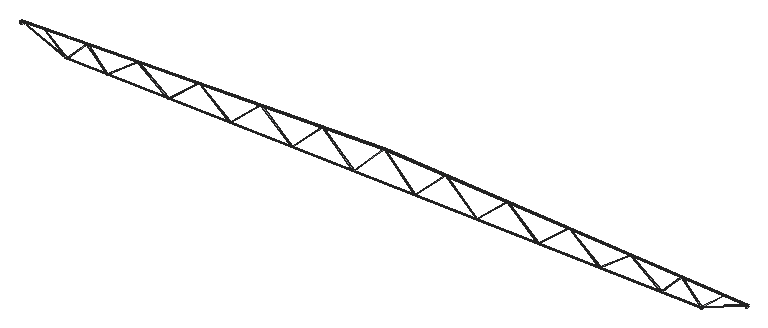
Revit family "M_Caibro de barra com duplo declive série SLH-11 Painéis", category Quadro estrutural, Revit 2019
Family settings
  Arredondamento do comprimento do framing estrutural = 1 mm
  Forma do corte = Não definido
  Material para o comportamento do modelo = Aço
  Exportar sempre como geometria = Sim
  Número OmniClass = 23.25.30.21.14.11
  Título OmniClass = Metal Joists
  ID de item do Seek = SLH-Series Double Pitch Bar Joist-11 Panel-0000-CAN-ENU
  Sempre na vertical = Sim
  Corte com vazios quando carregada = Não
  Representação simbólica = Da família
  Compartilhado = Não
  Exibir o pré-corte da família na vista da planta = Sim
Parameters (values of type "112SLH19")
  Painel variável [instance] = (Length - (Painel final * 2) - ComprimentoPainelInt) / 2  # 3677.5 mm
  Material estrutural = none
  Deslocamento inicial [instance] = 0 mm
  Extensão inicial [instance] = 0 mm
  Ângulo intenso = 2.00°
  LarguraPainelInt [instance] = 2 * Linear  # 5690 mm
  Deslocamento1 = Perna da corda * sin(Ângulo intenso)  # 2.216 mm
  Deslocamento [instance] = (0.5 * Length - (Deslocamento inicial - Extensão inicial)) * tan(Ângulo intenso)  # 1171.592 mm
  NumPainel = 11
  M = 100
  Espessura da teia = 25 mm
  Comprimento do assento = 150 mm
  Profundidade do assento = 190 mm
  NumPainelInt [instance] = NumPainel - 2  # 9
  ComprimentoPainelInt [instance] = LarguraPainelInt * NumPainelInt  # 51210 mm
  Altura 2 [instance] = (Painel variável / 2 + LarguraPainelInt / 2) * tan(Ângulo intenso)  # 163.56 mm
  Altura 1 [instance] = LarguraPainelInt * tan(Ângulo intenso)  # 198.699 mm
  Painel final = 1.5 * Linear  # 4267.5 mm
  Deslocamento final [instance] = 0 mm
  Extensão final [instance] = 0 mm
  Perna da corda = 63.5 mm
  Espessura da corda = 12.5 mm
  Deslocamento da mescla [instance] = (Extensão inicial + Comprimento do assento) * tan(Ângulo intenso)  # 5.238 mm
  Assembly Code = ""
  Length [instance] = 67100 mm
  Linear = 2845 mm
Reference planes
  plane 1 "Centro (Frente/Trás)": y = 0
  plane 2: z = 0
  plane 3 "Centro (Esquerda/Direita)": x = 4.61
  plane 4 "Membro esquerdo": x = -7051.39
  plane 5 "Membro direito": x = 6760.61
  plane 6: y = 76
  plane 7: y = -76
  plane 8: z = 1422.5
  plane 9: z = -1422.5
  plane 10 "Esquerda": x = -33545.39
  plane 11 "Símbolo esquerdo de verga": x = -38710.39
  plane 12 "Símbolo direito de verga": x = 39037.451
  plane 13 "Direita": x = 33554.61
  plane 14: z = 1232.5
  plane 15: x = -33395.39
  plane 16: x = -29277.89
  plane 17: x = -29477.89
  plane 18: x = 33404.61
  plane 19: x = 29287.11
  plane 20: y = 12.5
  plane 21: y = -12.5
  plane 22: z = 1359
  plane 23: z = -1359
  plane 24: x = 29487.11
  plane 25: x = -31336.64
  plane 26: x = 31345.86
  plane 27: z = -1416.15
  plane 28: z = 1416.15
  plane 29: x = -33545.39
  plane 30: x = 33554.61
  plane 31: x = -33545.39
  plane 32: x = 33554.61
  plane 33: z = 250.908
  plane 34: z = 187.408
  plane 35: x = -25600.39
  plane 36: x = -8530.39
  plane 37: x = -2840.39
  plane 38: x = 2849.61
  plane 39: x = 8539.61
  plane 40: x = 25609.61
  plane 41: z = 60.908
  plane 42: z = 1223.801
  plane 43: z = 1025.102
  plane 44: z = 826.402
  plane 45: x = -19910.39
  plane 46: x = -14220.39
  plane 47: x = 14229.61
  plane 48: x = 19919.61
  plane 49: z = 627.703
  plane 50: z = 464.143
  plane 51 "Esquerda do símbolo": x = -38710.39
  plane 52: x = -38710.39
  plane 53: x = 39037.451
  plane 54 "Direita do símbolo": x = 39037.451
Forms (mm)
  Extrusion 1, solid, material <- "Material estrutural", detail levels medium+fine
    sketch origin (4.61, 0, 0) x (0, 1, 0) y (0, 0, 1)
      loop
        line (12.5, -1359) -> (12.5, -1422.5) -> (76, -1422.5) -> (76, -1410) -> (25, -1410) -> (25, -1359) -> (12.5, -1359)
      loop
        line (-12.5, -1359) -> (-25, -1359) -> (-25, -1410) -> (-76, -1410) -> (-76, -1422.5) -> (-12.5, -1422.5) -> (-12.5, -1359)
    from -29482.5 to 29482.5
  Sweep 2, solid, material <- "Material estrutural", detail levels fine
    path in 3D
      loop
        line (29287.11, 0, -1416.15) -> (33404.61, 0, 192.646)
    profile "Teia-Perfil : Teia-Perfil" origin (31345.86, 0, -611.752) x (-0.363929, 0, 0.931427) y (0, -1, 0)
      loop
        line (-25.4, 18.85) -> (-25.4, 6.15) -> (25.4, 6.15) -> (25.4, 18.85) -> (-25.4, 18.85)
  Sweep 3, solid, material <- "Material estrutural", detail levels fine
    path in 3D
      loop
        line (31345.86, 0, 264.539) -> (29287.11, 0, -1416.15)
    profile "Teia-Perfil : Teia-Perfil" origin (30316.485, 0, -575.805) x (0.632394, 0, -0.774647) y (0, -1, 0)
      loop
        line (-25.4, 6.35) -> (-25.4, -6.35) -> (25.4, -6.35) -> (25.4, 6.35) -> (-25.4, 6.35)
  Sweep 4, solid, material <- "Material estrutural", detail levels fine
    path in 3D
      loop
        line (-33395.39, 0, 192.646) -> (-29277.89, 0, -1416.15)
    profile "Teia-Perfil : Teia-Perfil" origin (-31336.64, 0, -611.752) x (0.363929, 0, 0.931427) y (0, -1, 0)
      loop
        line (-25.4, 6.35) -> (-25.4, -6.35) -> (25.4, -6.35) -> (25.4, 6.35) -> (-25.4, 6.35)
  Sweep 5, solid, material <- "Material estrutural", detail levels fine
    path in 3D
      loop
        line (-29277.89, 0, -1416.15) -> (-31336.64, 0, 264.539)
    profile "Teia-Perfil : Teia-Perfil" origin (-30307.265, 0, -575.805) x (-0.632394, 0, -0.774647) y (0, -1, 0)
      loop
        line (-25.4, 6.35) -> (-25.4, -6.35) -> (25.4, -6.35) -> (25.4, 6.35) -> (-25.4, 6.35)
  Blend 6, solid, material <- "Material estrutural", detail levels medium+fine
    base sketch origin (-33545.39, -4572, 184.138) x (0, 0, -1) y (0, -1, 0)
      loop
        line (-3.27, -4584.5) -> (-3.27, -4597) -> (110.73, -4597) -> (110.73, -4648) -> (123.23, -4648) -> (123.23, -4584.5) -> (-3.27, -4584.5)
    top sketch origin (-33545.39, -4572, 184.138) x (0, 0, -1) y (0, -1, 0)
      loop
        line (110.73, -4597) -> (110.73, -4648) -> (123.23, -4648) -> (123.23, -4584.5) -> (-8.508, -4584.5) -> (-8.508, -4597) -> (110.73, -4597)
    from 0 to -150
  Blend 7, solid, material <- "Material estrutural", detail levels medium+fine
    base sketch origin (-33545.39, -4572, 184.138) x (0, 0, -1) y (0, -1, 0)
      loop
        line (-66.77, -4584.5) -> (-66.77, -4648) -> (-54.27, -4648) -> (-54.27, -4597) -> (-3.27, -4597) -> (-3.27, -4584.5) -> (-66.77, -4584.5)
    top sketch origin (-33545.39, -4572, 184.138) x (0, 0, -1) y (0, -1, 0)
      loop
        line (-1238.362, -4584.5) -> (-1238.362, -4648) -> (-1225.862, -4648) -> (-1225.862, -4597) -> (-1174.862, -4597) -> (-1174.862, -4584.5) -> (-1238.362, -4584.5)
    from 0 to -33550
  Blend 8, solid, material <- "Material estrutural", detail levels medium+fine
    base sketch origin (-33545.39, -4572, 184.138) x (0, 0, -1) y (0, -1, 0)
      loop
        line (-66.77, -4496) -> (-66.77, -4559.5) -> (-3.27, -4559.5) -> (-3.27, -4547) -> (-54.27, -4547) -> (-54.27, -4496) -> (-66.77, -4496)
    top sketch origin (-33545.39, -4572, 184.138) x (0, 0, -1) y (0, -1, 0)
      loop
        line (-1238.362, -4559.5) -> (-1174.862, -4559.5) -> (-1174.862, -4547) -> (-1225.862, -4547) -> (-1225.862, -4496) -> (-1238.362, -4496) -> (-1238.362, -4559.5)
    from 0 to -33550
  Blend 9, solid, material <- "Material estrutural", detail levels medium+fine
    base sketch origin (33554.61, -4572, 849.319) x (0, 0, 1) y (0, -1, 0)
      loop
        line (-598.411, -4496) -> (-610.911, -4496) -> (-610.911, -4547) -> (-661.911, -4547) -> (-661.911, -4559.5) -> (-598.411, -4559.5) -> (-598.411, -4496)
    top sketch origin (33554.61, -4572, 849.319) x (0, 0, 1) y (0, -1, 0)
      loop
        line (560.681, -4496) -> (560.681, -4547) -> (509.681, -4547) -> (509.681, -4559.5) -> (573.181, -4559.5) -> (573.181, -4496) -> (560.681, -4496)
    from 0 to -33550
  Blend 10, solid, material <- "Material estrutural", detail levels medium+fine
    base sketch origin (33554.61, -4572, 849.319) x (0, 0, 1) y (0, -1, 0)
      loop
        line (-598.411, -4584.5) -> (-661.911, -4584.5) -> (-661.911, -4597) -> (-610.911, -4597) -> (-610.911, -4648) -> (-598.411, -4648) -> (-598.411, -4584.5)
    top sketch origin (33554.61, -4572, 849.319) x (0, 0, 1) y (0, -1, 0)
      loop
        line (560.681, -4597) -> (560.681, -4648) -> (573.181, -4648) -> (573.181, -4584.5) -> (509.681, -4584.5) -> (509.681, -4597) -> (560.681, -4597)
    from 0 to -33550
  Blend 11, solid, material <- "Material estrutural", detail levels medium+fine
    base sketch origin (-33545.39, -4572, 184.138) x (0, 0, -1) y (0, -1, 0)
      loop
        line (-3.27, -4559.5) -> (123.23, -4559.5) -> (123.23, -4496) -> (110.73, -4496) -> (110.73, -4547) -> (-3.27, -4547) -> (-3.27, -4559.5)
    top sketch origin (-33545.39, -4572, 184.138) x (0, 0, -1) y (0, -1, 0)
      loop
        line (110.73, -4547) -> (-8.508, -4547) -> (-8.508, -4559.5) -> (123.23, -4559.5) -> (123.23, -4496) -> (110.73, -4496) -> (110.73, -4547)
    from 0 to -150
  Blend 12, solid, material <- "Material estrutural", detail levels medium+fine
    base sketch origin (33554.61, -4572, 849.319) x (0, 0, 1) y (0, -1, 0)
      loop
        line (-775.911, -4547) -> (-775.911, -4496) -> (-788.411, -4496) -> (-788.411, -4559.5) -> (-661.911, -4559.5) -> (-661.911, -4547) -> (-775.911, -4547)
    top sketch origin (33554.61, -4572, 849.319) x (0, 0, 1) y (0, -1, 0)
      loop
        line (-656.672, -4559.5) -> (-656.672, -4547) -> (-775.911, -4547) -> (-775.911, -4496) -> (-788.411, -4496) -> (-788.411, -4559.5) -> (-656.672, -4559.5)
    from 0 to -150
  Blend 13, solid, material <- "Material estrutural", detail levels medium+fine
    base sketch origin (33554.61, -4572, 849.319) x (0, 0, 1) y (0, -1, 0)
      loop
        line (-661.911, -4584.5) -> (-788.411, -4584.5) -> (-788.411, -4648) -> (-775.911, -4648) -> (-775.911, -4597) -> (-661.911, -4597) -> (-661.911, -4584.5)
    top sketch origin (33554.61, -4572, 849.319) x (0, 0, 1) y (0, -1, 0)
      loop
        line (-656.672, -4597) -> (-656.672, -4584.5) -> (-788.411, -4584.5) -> (-788.411, -4648) -> (-775.911, -4648) -> (-775.911, -4597) -> (-656.672, -4597)
    from 0 to -150
Cuts and joins
  joined: Blend 8, Blend 9
  joined: Blend 7, Blend 10
Lines and regions (mm)
  symbolic lines, style "StructuralFraming", detail levels coarse
    curve 1: line (0, 76, 1422.5) -> (0, 12.5, 1422.5)
    curve 2: line (0, -76, -1422.5) -> (0, -12.5, -1422.5)
    curve 14: line (0, 12.5, -1422.5) -> (0, 76, -1422.5)
    curve 15: line (4.61, 12.5, -1422.5) -> (4.61, 12.5, -1359)
    curve 16: line (4.61, -12.5, -1422.5) -> (4.61, -12.5, -1359)
    curve 17: line (4.61, -12.5, 1422.5) -> (4.61, -12.5, 1359)
    curve 18: line (4.61, 12.5, 1422.5) -> (4.61, 12.5, 1359)
    curve 19: line (0, -12.5, 1422.5) -> (0, -76, 1422.5)
  symbolic lines, style "StructuralFraming", detail levels coarse+medium
    curve 3: line (0, 0, -1422.5) -> (0, 0, 1422.5)
  reference lines
    curve 4: line (-38560.39, 0, -1546.008) -> (-38560.39, 0, 1502.192)
    curve 5: line (-34292.89, 0, -1552.358) -> (-34292.89, 0, 1502.192)
    curve 6: line (38887.451, 0, -1493.088) -> (38887.451, 0, 1504.312)
    curve 7: line (34619.951, 0, -1620.088) -> (34619.951, 0, 1504.312)
    curve 30: line (4.61, 0, 1422.5) -> (-55.353, 0, 1424.594)
    curve 31: line (4.61, 0, 1422.5) -> (52.104, 0, 1424.159)
  model lines, style "Caibro da teia", detail levels coarse
    curve 8: line (34619.951, 0, -1422.5) -> (-34292.89, 0, -1422.5)
    curve 9: line (39037.451, 0, 59.443) -> (4.61, 0, 1422.5)
    curve 24: line (-34292.89, 0, -1422.5) -> (-38560.39, 0, 75.781)
    curve 25: line (34619.951, 0, -1422.5) -> (38887.451, 0, 64.681)
    curve 32: line (4.61, 0, 1422.5) -> (-38710.39, 0, 70.542)
  model lines, style "StructuralFraming", detail levels medium
    curve 10: line (-29277.89, 0, -1416.15) -> (-31336.64, 0, 264.539)
    curve 11: line (-33395.39, 0, 192.646) -> (-29277.89, 0, -1416.15)
    curve 12: line (31345.86, 0, 264.539) -> (29287.11, 0, -1416.15)
    curve 13: line (29287.11, 0, -1416.15) -> (33404.61, 0, 192.646)
  sketch lines
    curve 20: line (29287.11, 0, -1416.15) -> (33404.61, 0, 192.646)
    curve 21: line (31345.86, 0, 264.539) -> (29287.11, 0, -1416.15)
    curve 22: line (-33395.39, 0, 192.646) -> (-29277.89, 0, -1416.15)
    curve 23: line (-29277.89, 0, -1416.15) -> (-31336.64, 0, 264.539)
  symbolic lines, detail levels fine
    curve 26: line (4.61, 12.5, -1416.15) -> (4.61, -12.5, -1416.15)
    curve 27: line (4.61, 12.5, -1359) -> (4.61, 12.5, 1359)
    curve 28: line (4.61, 12.5, 1416.15) -> (4.61, -12.5, 1416.15)
    curve 29: line (4.61, -12.5, -1359) -> (4.61, -12.5, 1359)
Dimensions and locks
  equal spacing: plane 9, plane 2, plane 8
  "Length": plane 10 "Esquerda" to plane 13 "Direita"
  equal spacing: plane 10 "Esquerda", plane 3 "Centro (Esquerda/Direita)", plane 13 "Direita"
  "Painel final": curve 5 to curve 4
  "Painel final": curve 6 to curve 7
  "Linear": plane 9 to plane 8
  "Profundidade do assento": plane 8 to plane 14
  locked: plane 17 to plane 16 at 200
  "Painel final": plane 13 "Direita" to plane 19
  "Espessura da teia": plane 20 to plane 21
  equal spacing: plane 20, plane 1 "Centro (Frente/Trás)", plane 21
  "Perna da corda": plane 21 to plane 7
  "Perna da corda": plane 6 to plane 20
  "Perna da corda": plane 9 to plane 23
  "Perna da corda": plane 22 to plane 8
  "Espessura da corda": plane 9 to Extrusion 1 sketch curve  (x2)
  "Espessura da corda": Extrusion 1 sketch curve to plane 20
  "Espessura da corda": plane 21 to Extrusion 1 sketch curve
  locked: plane 19 to plane 24 at 200
  locked: plane 27 to plane 9 at 6.35
  locked: plane 8 to plane 28 at 6.35
  equal spacing: plane 16, plane 25, plane 15
  equal spacing: plane 18, plane 26, plane 19
  "Extensão inicial": plane 29 to plane 31
  "Comprimento do assento": plane 31 to plane 15
  "Deslocamento inicial": plane 10 "Esquerda" to plane 31
  "Deslocamento final": plane 32 to plane 13 "Direita"
  "Comprimento do assento": plane 18 to plane 32
  "Extensão final": plane 30 to plane 32
  "Deslocamento": plane 8 to plane 33
  "Perna da corda": plane 33 to plane 34
  locked: level to plane 2 at 0
  "Painel final": plane 10 "Esquerda" to plane 16
  "Espessura da corda": Blend 7 sketch curve to Blend 7 sketch curve  (x4)
  "Espessura da corda": Blend 8 sketch curve to Blend 8 sketch curve  (x4)
  "Profundidade do assento": plane 33 to plane 41
  "Espessura da corda": Blend 6 sketch curve to Blend 6 sketch curve  (x4)
  "Deslocamento da mescla": Blend 6 sketch curve to plane 34
  "Espessura da corda": Blend 11 sketch curve to Blend 11 sketch curve  (x2)
  "Deslocamento da mescla": plane 34 to Blend 11 sketch curve
  "Painel variável": plane 16 to plane 35
  "Painel variável": plane 19 to plane 40
  equal spacing: plane 40, plane 48, plane 47, plane 39, plane 38, plane 37, plane 36, plane 46, plane 45, plane 35
  equal spacing: plane 8, plane 42, plane 43, plane 44, plane 49
  "Altura 1": plane 8 to plane 42
  "Altura 2": plane 49 to plane 50
  "Comprimento do assento": curve 4 to plane 52
  "Extensão inicial": plane 52 to plane 51 "Esquerda do símbolo"
  "Deslocamento inicial": plane 52 to plane 11 "Símbolo esquerdo de verga"
  "Comprimento do assento": plane 53 to curve 6
  "Extensão final": plane 54 "Direita do símbolo" to plane 53
  "Deslocamento final": plane 12 "Símbolo direito de verga" to plane 53
  "Ângulo intenso": angle curve 30 to plane 8
  "Ângulo intenso": angle plane 8 to curve 31
  aligned and locked: curve 8 to plane 9
  aligned and locked: curve 5 to curve 8
  aligned and locked: plane 9 to Extrusion 1 sketch curve
  aligned and locked: Extrusion 1 sketch curve to plane 9
  aligned and locked: Extrusion 1 sketch curve to plane 6
  aligned and locked: Extrusion 1 sketch curve to plane 7
  aligned and locked: plane 20 to Extrusion 1 sketch curve
  aligned and locked: plane 21 to Extrusion 1 sketch curve
  aligned and locked: Extrusion 1 sketch curve to plane 23
  aligned and locked: plane 23 to Extrusion 1 sketch curve
  aligned and locked: Extrusion 1 to plane 24
  aligned and locked: plane 17 to Extrusion 1
  aligned and locked: Extrusion 1 to curve 15
  aligned and locked: curve 15 to Extrusion 1
  aligned and locked: curve 2 to curve 16
  aligned and locked: curve 16 to Extrusion 1
  aligned and locked: plane 8 to curve 30
  aligned and locked: plane 3 "Centro (Esquerda/Direita)" to curve 31
  aligned and locked: plane 15 to Blend 6
  aligned and locked: plane 29 to Blend 6
  aligned and locked: plane 33 to Blend 7 sketch curve
  aligned and locked: plane 20 to Blend 7 sketch curve  (x2)
  aligned and locked: Blend 7 sketch curve to plane 34
  aligned and locked: plane 6 to Blend 7 sketch curve
  aligned and locked: plane 22 to Blend 7 sketch curve
  aligned and locked: Blend 7 sketch curve to plane 6
  aligned and locked: Blend 7 sketch curve to plane 8
  aligned and locked: plane 3 "Centro (Esquerda/Direita)" to Blend 7
  aligned and locked: plane 29 to Blend 7
  aligned and locked: Blend 8 sketch curve to plane 7  (x2)
  aligned and locked: plane 33 to Blend 8 sketch curve
  aligned and locked: Blend 8 sketch curve to plane 21
  aligned and locked: Blend 8 sketch curve to plane 34
  aligned and locked: plane 8 to Blend 8 sketch curve
  aligned and locked: plane 21 to Blend 8 sketch curve
  aligned and locked: Blend 8 sketch curve to plane 22
  aligned and locked: plane 3 "Centro (Esquerda/Direita)" to Blend 8
  aligned and locked: plane 29 to Blend 8
  aligned and locked: Blend 9 sketch curve to Blend 8  (x11)
  aligned and locked: Blend 8 to Blend 9 sketch curve
  aligned and locked: Blend 9 to plane 3 "Centro (Esquerda/Direita)"
  aligned and locked: plane 30 to Blend 9
  aligned and locked: Blend 10 sketch curve to Blend 7  (x10)
  aligned and locked: Blend 7 to Blend 10 sketch curve  (x2)
  aligned and locked: Blend 10 to plane 3 "Centro (Esquerda/Direita)"
  aligned and locked: plane 30 to cut or joined group of Blend 8, Blend 9
  aligned and locked: plane 30 to Blend 10
  aligned and locked: plane 34 to Blend 6 sketch curve
  aligned and locked: plane 6 to Blend 6 sketch curve  (x2)
  aligned and locked: Blend 6 sketch curve to plane 41  (x2)
  aligned and locked: Blend 6 sketch curve to plane 20  (x2)
  aligned and locked: plane 7 to Blend 11 sketch curve
  aligned and locked: plane 41 to Blend 11 sketch curve
  aligned and locked: Blend 11 sketch curve to plane 21
  aligned and locked: Blend 11 sketch curve to plane 34
  aligned and locked: Blend 11 sketch curve to var sketch  (x5)
  aligned and locked: plane 15 to Blend 11
  aligned and locked: plane 29 to Blend 11
  aligned and locked: Blend 11 to plane 29
  aligned and locked: Blend 11 to plane 15
  aligned and locked: Blend 12 sketch curve to Blend 11  (x10)
  aligned and locked: Blend 11 to Blend 12 sketch curve
  aligned and locked: plane 34 to Blend 12 sketch curve
  aligned and locked: Blend 13 sketch curve to Blend 6  (x12)
  aligned and locked: Blend 12 to plane 18
  aligned and locked: Blend 13 to plane 18
  aligned and locked: plane 30 to Blend 12
  aligned and locked: plane 30 to Blend 13
  aligned and locked: plane 1 "Centro (Frente/Trás)" to nested 1
  aligned and locked: nested 2 to plane 1 "Centro (Frente/Trás)"
  aligned and locked: plane 1 "Centro (Frente/Trás)" to nested 3
  aligned and locked: plane 37 to nested 3
  aligned and locked: nested 3 to plane 8
  aligned and locked: nested 1 to plane 16
  aligned and locked: plane 15 to curve 11
  aligned and locked: cut or joined group of Blend 8, Blend 9 to curve 11
  aligned and locked: plane 25 to curve 10
  aligned and locked: cut or joined group of Blend 8, Blend 9 to curve 10
  aligned and locked: plane 16 to curve 10
  aligned and locked: plane 27 to curve 10
  aligned and locked: plane 26 to curve 12
  aligned and locked: cut or joined group of Blend 8, Blend 9 to curve 12
  aligned and locked: plane 19 to curve 12
  aligned and locked: plane 18 to curve 13
  aligned and locked: cut or joined group of Blend 8, Blend 9 to curve 13
  aligned and locked: curve 13 to plane 27
  aligned and locked: curve 9 to curve 30
  aligned and locked: curve 32 to curve 31
  aligned and locked: plane 9 to curve 24
  aligned and locked: curve 7 to curve 25
  aligned and locked: plane 40 to nested 2
  aligned and locked: plane 9 to nested 1
  aligned and locked: plane 9 to nested 2
  aligned and locked: curve 4 to curve 24
  aligned and locked: curve 6 to curve 25
  aligned and locked: nested 2 to plane 19
  aligned and locked: plane 1 "Centro (Frente/Trás)" to nested 4
  aligned and locked: plane 1 "Centro (Frente/Trás)" to nested 5
  aligned and locked: plane 1 "Centro (Frente/Trás)" to nested 6
  aligned and locked: plane 1 "Centro (Frente/Trás)" to nested 7
  aligned and locked: nested 8 to plane 1 "Centro (Frente/Trás)"
  aligned and locked: nested 9 to plane 1 "Centro (Frente/Trás)"
  aligned and locked: nested 10 to plane 1 "Centro (Frente/Trás)"
  aligned and locked: nested 11 to plane 1 "Centro (Frente/Trás)"
  aligned and locked: plane 35 to nested 4
  aligned and locked: plane 45 to nested 5
  aligned and locked: plane 46 to nested 6
  aligned and locked: plane 36 to nested 7
  aligned and locked: plane 38 to nested 8
  aligned and locked: plane 39 to nested 9
  aligned and locked: plane 47 to nested 10
  aligned and locked: plane 48 to nested 11
  aligned and locked: plane 9 to nested 4
  aligned and locked: plane 9 to nested 5
  aligned and locked: plane 9 to nested 6
  aligned and locked: plane 9 to nested 7
  aligned and locked: plane 9 to nested 8
  aligned and locked: plane 9 to nested 9
  aligned and locked: plane 9 to nested 10
  aligned and locked: plane 9 to nested 11
  aligned and locked: plane 50 to nested 1
  aligned and locked: plane 49 to nested 4
  aligned and locked: plane 44 to nested 5
  aligned and locked: plane 43 to nested 6
  aligned and locked: nested 7 to plane 42
  aligned and locked: nested 8 to plane 42
  aligned and locked: plane 43 to nested 9
  aligned and locked: nested 10 to plane 44
  aligned and locked: nested 11 to plane 49
  aligned and locked: nested 2 to plane 50
  aligned and locked: plane 51 "Esquerda do símbolo" to curve 32
  aligned and locked: plane 54 "Direita do símbolo" to curve 9
Automatic sketch dimensions
  curve 2 to plane 7 = 0 mm
  curve 2 to plane 9 = 0 mm
  curve 2 to plane 21 = 0 mm
  curve 3 to plane 1 "Centro (Frente/Trás)" = 0 mm
  curve 3 to plane 9 = 0 mm
  curve 26 to plane 27 = 0 mm
  curve 29 to plane 23 = 0 mm
  curve 15 to plane 23 = 0 mm
  curve 17 to plane 22 = 0 mm
  curve 27 to plane 22 = 0 mm
  curve 28 to plane 28 = 0 mm
  curve 3 to plane 8 = 0 mm
  curve 18 to plane 8 = 0 mm
  curve 17 to plane 8 = 0 mm
  plane 9 to curve 6 = 70.588 mm
  plane 9 to curve 4 = 123.508 mm
  plane 9 to curve 5 = 129.858 mm
  plane 9 to curve 7 = 197.588 mm
  curve 5 to plane 8 = 79.692 mm
  curve 4 to plane 8 = 79.692 mm
  curve 7 to plane 8 = 81.812 mm
  curve 6 to plane 8 = 81.812 mm
  curve 14 to plane 6 = 0 mm
  curve 1 to plane 6 = 0 mm
  curve 14 to plane 9 = 0 mm
  curve 14 to plane 20 = 0 mm
  curve 1 to plane 8 = 0 mm
  curve 1 to plane 20 = 0 mm
  curve 19 to plane 8 = 0 mm
  curve 19 to plane 21 = 0 mm
  curve 19 to plane 7 = 0 mm
Nested families
  nested 1: "Teia angular-Variável" at (-29277.89, 0, -479.178), LarguraPainel <- "Painel variável", type "Teia angular-Variável"
    with LarguraPainel 3677.5 mm, AlturaPainel 1886.643 mm
  nested 2: "Teia angular-Variável" at (29287.11, 0, -479.178) x (-1, 0, 0) z (0, 0, 1), LarguraPainel <- "Painel variável", type "Teia angular-Variável"
    with LarguraPainel 3677.5 mm, AlturaPainel 1886.643 mm
  nested 3: "Teia angular-Centro" at (-2840.39, 0, 0.386), AlturaPainel <- "Linear", type "Teia angular-Centro"
    with AlturaPainel 2845 mm
  nested 4: "Teia angular" at (-25600.39, 0, -397.398), type "Teia angular"
    with AlturaPainel 2050.203 mm
  nested 5: "Teia angular" at (-19910.39, 0, -298.049), type "Teia angular"
    with AlturaPainel 2248.902 mm
  nested 6: "Teia angular" at (-14220.39, 0, -198.699), type "Teia angular"
    with AlturaPainel 2447.602 mm
  nested 7: "Teia angular" at (-8530.39, 0, -99.35), type "Teia angular"
    with AlturaPainel 2646.301 mm
  nested 8: "Teia angular" at (8539.61, 0, -99.35) x (-1, 0, 0) z (0, 0, 1), type "Teia angular"
    with AlturaPainel 2646.301 mm
  nested 9: "Teia angular" at (14229.61, 0, -198.699) x (-1, 0, 0) z (0, 0, 1), type "Teia angular"
    with AlturaPainel 2447.602 mm
  nested 10: "Teia angular" at (19919.61, 0, -298.049) x (-1, 0, 0) z (0, 0, 1), type "Teia angular"
    with AlturaPainel 2248.902 mm
  nested 11: "Teia angular" at (25609.61, 0, -397.398) x (-1, 0, 0) z (0, 0, 1), type "Teia angular"
    with AlturaPainel 2050.203 mm
Definition of nested family "Teia angular-Variável"
  Parameters
    MaterialTeia = none
    Espessura da teia = Espessura / 2  # 12.5 mm
    Deslocamento da teia = Perna da teia / 2  # 25.4 mm
    Perna da teia = 50.8 mm
    Deslocamento da espessura = Espessura / cos(Ângulo intenso)  # 25.015 mm
    Espessura = 25 mm
    Ângulo intenso = 2.00°
    AlturaPainel [instance] = 1320.998 mm
    LarguraPainel [instance] = 1948.557 mm
    Distância = Deslocamento da teia * cos(Ângulo intenso)  # 25.385 mm
    Assembly Code = ""
  Reference planes
    plane 1 "Centro (Frente/Trás)": y = 0
    plane 2: z = 0
    plane 3 "Centro (Esquerda/Direita)": x = 0
    plane 4: x = 1948.557
    plane 5: x = 974.279
    plane 6: z = -660.499
    plane 7: z = -635.099
    plane 8: z = 635.484
    plane 9: z = 660.499
    plane 10: y = -12.5
    plane 11: y = 12.5
    plane 12: z = 596.999
    plane 13: z = -596.999
  Forms (mm)
    Sweep 1, solid, material <- "MaterialTeia", detail levels fine
      path in 3D
        loop
          line (-0.001, 0, -635.099) -> (25.4, 0, -635.099) -> (948.894, 0, 634.598) -> (999.663, 0, 636.37)
      profile origin (12.7, 0, -635.099) x (0, 0, 1) y (0, -1, 0)
        loop
          line (25.4, 0) -> (25.4, 12.5) -> (-25.4, 12.5) -> (-25.4, 0) -> (25.4, 0)
    Sweep 2, solid, material <- "MaterialTeia", detail levels fine
      path in 3D
        loop
          line (1948.556, 0, -635.099) -> (1923.157, 0, -635.099) -> (999.663, 0, 636.37) -> (948.894, 0, 634.598)
      profile origin (1935.857, 0, -635.099) x (0, 0, -1) y (0, -1, 0)
        loop
          line (-25.4, -12.5) -> (25.4, -12.5) -> (25.4, 0) -> (-25.4, 0) -> (-25.4, -12.5)
    Sweep 3, solid, material <- "MaterialTeia", detail levels fine
      path in 3D
        loop
          line (91.156, -12.5, -587.875) -> (951.589, -12.5, 595.12)
      profile origin (521.372, -12.5, 3.623) x (-0.808712, 0, 0.588204) y (0, -1, 0)
        loop
          line (0, 0) -> (12.5, 0) -> (12.5, 38.3) -> (0, 38.3) -> (0, 0)
    Sweep 4, solid, material <- "MaterialTeia", detail levels fine
      path in 3D
        loop
          line (1857.439, 12.5, -587.84) -> (997.605, 12.5, 595.983)
      profile origin (1427.522, 12.5, 4.071) x (0.809103, 0, 0.587667) y (0, 1, 0)
        loop
          line (0, 0) -> (12.5, 0) -> (12.5, 38.3) -> (0, 38.3) -> (0, 0)
  Cuts and joins
    joined: Sweep 1, Sweep 3
    joined: Sweep 2, Sweep 4
  Lines and regions (mm)
    model lines, detail levels medium+fine
      curve 1: line (-0.001, 0, -660.499) -> (-0.001, 0, 626.477)
      curve 2: line (1948.556, 0, 694.522) -> (1948.556, 0, -660.499)
      curve 3: line (1948.556, 0, -660.499) -> (-0.001, 0, -660.499)
      curve 18: line (974.279, 0, 660.499) -> (-0.001, 0, 626.477)
      curve 19: line (974.279, 0, 660.499) -> (1948.556, 0, 694.522)
    model lines, detail levels medium
      curve 4: line (948.894, 0, 634.598) -> (999.663, 0, 636.37)
      curve 5: line (-0.001, 0, -635.099) -> (25.4, 0, -635.099)
      curve 6: line (1948.556, 0, -635.099) -> (1923.157, 0, -635.099)
      curve 7: line (25.4, 0, -635.099) -> (948.894, 0, 634.598)
      curve 8: line (999.663, 0, 636.37) -> (1923.157, 0, -635.099)
    sketch lines
      curve 9: line (-0.001, 0, -635.099) -> (25.4, 0, -635.099)
      curve 10: line (25.4, 0, -635.099) -> (948.894, 0, 634.598)
      curve 11: line (948.894, 0, 634.598) -> (999.663, 0, 636.37)
      curve 12: line (1948.556, 0, -635.099) -> (1923.157, 0, -635.099)
      curve 13: line (999.663, 0, 636.37) -> (1923.157, 0, -635.099)
      curve 14: line (948.894, 0, 634.598) -> (999.663, 0, 636.37)
      curve 15: line (91.156, -12.5, -587.875) -> (951.589, -12.5, 595.12)
      curve 16: line (1857.439, 12.5, -587.84) -> (997.605, 12.5, 595.983)
    reference lines
      curve 17: line (974.279, 0, 635.484) -> (1107.547, 0, 640.138)
  Dimensions and locks
    "LarguraPainel": plane 4 to plane 3 "Centro (Esquerda/Direita)"
    equal spacing: plane 4, plane 5, plane 3 "Centro (Esquerda/Direita)"
    plane 7 to plane 6 = 25.4 mm
    "Deslocamento da espessura": plane 9 to plane 8
    "AlturaPainel": plane 9 to plane 6
    equal spacing: plane 9, plane 2, plane 6
    "Espessura": plane 11 to plane 10
    equal spacing: plane 11, plane 1 "Centro (Frente/Trás)", plane 10
    locked: plane 9 to plane 12 at 63.5
    plane 13 to plane 6 = 63.5 mm
    "Deslocamento da teia": plane 7 to plane 6
    "Deslocamento da teia": curve 5 to plane 3 "Centro (Esquerda/Direita)"
    "Deslocamento da teia": curve 6 to plane 4
    "Distância": plane 5 to curve 4
    "Distância": curve 4 to plane 5
    "Perna da teia": Sweep 1 sketch curve to Sweep 1 sketch curve
    equal spacing: Sweep 1 sketch curve, plane 7, Sweep 1 sketch curve
    equal spacing: Sweep 2 sketch curve, profile plane, Sweep 2 sketch curve
    "Perna da teia": Sweep 2 sketch curve to Sweep 2 sketch curve
    "Perna da teia": plane 1 "Centro (Frente/Trás)" to Sweep 3 sketch curve
    "Espessura da teia": Sweep 3 sketch curve to Sweep 3 sketch curve
    "Perna da teia": plane 1 "Centro (Frente/Trás)" to Sweep 4 sketch curve
    "Espessura da teia": Sweep 4 sketch curve to Sweep 4 sketch curve
    "Ângulo intenso": angle plane 8 to curve 17
    "Ângulo intenso": angle plane 9 to curve 18
    "Ângulo intenso": angle plane 9 to curve 19
    aligned and locked: curve 6 to plane 7
    aligned and locked: plane 7 to curve 5
    aligned and locked: plane 10 to Sweep 1 sketch curve
    aligned and locked: Sweep 1 sketch curve to plane 1 "Centro (Frente/Trás)"
    aligned and locked: Sweep 2 sketch curve to plane 11
    aligned and locked: profile plane to Sweep 2 sketch curve
    aligned and locked: Sweep 1 to curve 15
    aligned and locked: Sweep 3 sketch curve to profile plane
    aligned and locked: plane 10 to Sweep 3 sketch curve
    aligned and locked: plane 11 to Sweep 4 sketch curve
    aligned and locked: profile plane to Sweep 4 sketch curve
    aligned and locked: curve 17 to plane 5
    aligned and locked: plane 8 to curve 17
    aligned and locked: curve 4 to curve 17
    aligned and locked: plane 9 to curve 18
    aligned and locked: curve 19 to plane 5
  Automatic sketch dimensions
    curve 2 to plane 6 = 0 mm
    plane 4 to curve 2 = 0.001 mm
    curve 5 to plane 3 "Centro (Esquerda/Direita)" = 0.001 mm
Definition of nested family "Teia angular-Centro"
  Parameters
    MaterialTeia = none
    Espessura da teia = Espessura / 2  # 12.5 mm
    Deslocamento da teia = Perna da teia / 2  # 25.4 mm
    Perna da teia = 50.8 mm
    Deslocamento da espessura = Espessura / cos(Ângulo intenso)  # 25.015 mm
    Espessura = 25 mm
    Ângulo intenso = 2.00°
    AlturaPainel [instance] = 1320.998 mm
    LarguraPainel = 5690 mm
    Distância = Deslocamento da teia * cos(Ângulo intenso)  # 25.385 mm
    Assembly Code = ""
  Reference planes
    plane 1 "Centro (Frente/Trás)": y = 0
    plane 2: z = -0.386
    plane 3 "Centro (Esquerda/Direita)": x = 0
    plane 4: x = 5690
    plane 5: x = 2845
    plane 6: z = -660.885
    plane 7: z = -635.485
    plane 8: z = 635.114
    plane 9: z = 660.114
    plane 10: y = -12.5
    plane 11: y = 12.5
    plane 12: z = 596.614
    plane 13: z = -596.999
  Forms (mm)
    Sweep 1, solid, material <- "MaterialTeia", detail levels fine
      path in 3D
        loop
          line (-0.001, 0, -635.485) -> (25.4, 0, -635.485) -> (2819.6, 0, 635.114) -> (2870.4, 0, 635.114)
      profile origin (12.7, 0, -635.485) x (0, 0, 1) y (0, -1, 0)
        loop
          line (25.4, 0) -> (25.4, 12.5) -> (-25.4, 12.5) -> (-25.4, 0) -> (25.4, 0)
    Sweep 2, solid, material <- "MaterialTeia", detail levels fine
      path in 3D
        loop
          line (5689.999, 0, -635.485) -> (5664.6, 0, -635.485) -> (2870.4, 0, 635.114) -> (2819.6, 0, 635.114)
      profile origin (5677.3, 0, -635.485) x (0, 0, -1) y (0, -1, 0)
        loop
          line (-25.4, -12.5) -> (25.4, -12.5) -> (25.4, 0) -> (-25.4, 0) -> (-25.4, -12.5)
    Sweep 3, solid, material <- "MaterialTeia", detail levels fine
      path in 3D
        loop
          line (112.652, -12.5, -623.712) -> (2808.754, -12.5, 602.279)
      profile origin (1460.703, -12.5, -10.717) x (-0.41394, 0, 0.910304) y (0, -1, 0)
        loop
          line (0, 0) -> (12.5, 0) -> (12.5, 38.3) -> (0, 38.3) -> (0, 0)
    Sweep 4, solid, material <- "MaterialTeia", detail levels fine
      path in 3D
        loop
          line (5577.348, 12.5, -623.712) -> (2881.246, 12.5, 602.279)
      profile origin (4229.297, 12.5, -10.717) x (0.41394, 0, 0.910304) y (0, 1, 0)
        loop
          line (0, 0) -> (12.5, 0) -> (12.5, 38.3) -> (0, 38.3) -> (0, 0)
  Cuts and joins
    joined: Sweep 1, Sweep 3
    joined: Sweep 2, Sweep 4
  Lines and regions (mm)
    model lines, detail levels medium+fine
      curve 1: line (-0.001, 0, -660.885) -> (-0.001, 0, 560.764)
      curve 2: line (5689.999, 0, 560.764) -> (5689.999, 0, -660.885)
      curve 3: line (5689.999, 0, -660.885) -> (-0.001, 0, -660.885)
      curve 17: line (2845, 0, 660.114) -> (-0.001, 0, 560.764)
      curve 18: line (2845, 0, 660.114) -> (5689.999, 0, 560.764)
    model lines, detail levels medium
      curve 4: line (2819.6, 0, 635.114) -> (2870.4, 0, 635.114)
      curve 5: line (-0.001, 0, -635.485) -> (25.4, 0, -635.485)
      curve 6: line (5689.999, 0, -635.485) -> (5664.6, 0, -635.485)
      curve 7: line (25.4, 0, -635.485) -> (2819.6, 0, 635.114)
      curve 8: line (2870.4, 0, 635.114) -> (5664.6, 0, -635.485)
    sketch lines
      curve 9: line (-0.001, 0, -635.485) -> (25.4, 0, -635.485)
      curve 10: line (25.4, 0, -635.485) -> (2819.6, 0, 635.114)
      curve 11: line (2819.6, 0, 635.114) -> (2870.4, 0, 635.114)
      curve 12: line (5689.999, 0, -635.485) -> (5664.6, 0, -635.485)
      curve 13: line (2870.4, 0, 635.114) -> (5664.6, 0, -635.485)
      curve 14: line (2819.6, 0, 635.114) -> (2870.4, 0, 635.114)
      curve 15: line (112.652, -12.5, -623.712) -> (2808.754, -12.5, 602.279)
      curve 16: line (5577.348, 12.5, -623.712) -> (2881.246, 12.5, 602.279)
  Dimensions and locks
    "LarguraPainel": plane 4 to plane 3 "Centro (Esquerda/Direita)"
    equal spacing: plane 4, plane 5, plane 3 "Centro (Esquerda/Direita)"
    plane 7 to plane 6 = 25.4 mm
    "Espessura": plane 9 to plane 8
    "AlturaPainel": plane 9 to plane 6
    equal spacing: plane 9, plane 2, plane 6
    "Espessura": plane 11 to plane 10
    equal spacing: plane 11, plane 1 "Centro (Frente/Trás)", plane 10
    locked: plane 9 to plane 12 at 63.5
    plane 13 to plane 6 = 63.886 mm
    "Deslocamento da teia": plane 7 to plane 6
    "Deslocamento da teia": curve 5 to plane 3 "Centro (Esquerda/Direita)"
    "Deslocamento da teia": curve 6 to plane 4
    "Perna da teia": Sweep 1 sketch curve to Sweep 1 sketch curve
    equal spacing: Sweep 1 sketch curve, plane 7, Sweep 1 sketch curve
    equal spacing: Sweep 2 sketch curve, profile plane, Sweep 2 sketch curve
    "Perna da teia": Sweep 2 sketch curve to Sweep 2 sketch curve
    "Perna da teia": plane 1 "Centro (Frente/Trás)" to Sweep 3 sketch curve
    "Espessura da teia": Sweep 3 sketch curve to Sweep 3 sketch curve
    "Perna da teia": plane 1 "Centro (Frente/Trás)" to Sweep 4 sketch curve
    "Espessura da teia": Sweep 4 sketch curve to Sweep 4 sketch curve
    equal spacing: curve 4, plane 5, curve 4
    "Deslocamento da teia": curve 4 to plane 5
    "Ângulo intenso": angle plane 9 to curve 17
    "Ângulo intenso": angle curve 18 to plane 9
    aligned and locked: curve 6 to plane 7
    aligned and locked: plane 7 to curve 5
    aligned and locked: plane 10 to Sweep 1 sketch curve
    aligned and locked: Sweep 1 sketch curve to plane 1 "Centro (Frente/Trás)"
    aligned and locked: Sweep 2 sketch curve to plane 11
    aligned and locked: profile plane to Sweep 2 sketch curve
    aligned and locked: Sweep 1 to curve 15
    aligned and locked: Sweep 3 sketch curve to profile plane
    aligned and locked: plane 10 to Sweep 3 sketch curve
    aligned and locked: plane 11 to Sweep 4 sketch curve
    aligned and locked: profile plane to Sweep 4 sketch curve
    aligned and locked: curve 17 to plane 9
    aligned and locked: curve 18 to plane 5
  Automatic sketch dimensions
    curve 3 to plane 6 = 0 mm
    curve 1 to plane 3 "Centro (Esquerda/Direita)" = 0.001 mm
    plane 4 to curve 3 = 0.001 mm
    plane 8 to curve 7 = 0 mm
Definition of nested family "Teia angular"
  Parameters
    MaterialTeia = none
    Espessura da teia = Espessura / 2  # 12.5 mm
    Deslocamento da teia = Perna da teia / 2  # 25.4 mm
    Perna da teia = 50.8 mm
    Deslocamento da espessura = Espessura / cos(Ângulo intenso)  # 25.015 mm
    Espessura = 25 mm
    Ângulo intenso = 2.00°
    AlturaPainel [instance] = 1320.998 mm
    LarguraPainel = 5690 mm
    Distância = Deslocamento da teia * cos(Ângulo intenso)  # 25.385 mm
    Assembly Code = ""
  Reference planes
    plane 1 "Centro (Frente/Trás)": y = 0
    plane 2: z = 0
    plane 3 "Centro (Esquerda/Direita)": x = 0
    plane 4: x = 5690
    plane 5: x = 2845
    plane 6: z = -660.499
    plane 7: z = -635.099
    plane 8: z = 635.484
    plane 9: z = 660.499
    plane 10: y = -12.5
    plane 11: y = 12.5
    plane 12: z = 596.999
    plane 13: z = -596.999
  Forms (mm)
    Sweep 1, solid, material <- "MaterialTeia", detail levels fine
      path in 3D
        loop
          line (-0.001, 0, -635.099) -> (25.4, 0, -635.099) -> (2819.615, 0, 634.598) -> (2870.385, 0, 636.37)
      profile origin (12.7, 0, -635.099) x (0, 0, 1) y (0, -1, 0)
        loop
          line (25.4, 0) -> (25.4, 12.5) -> (-25.4, 12.5) -> (-25.4, 0) -> (25.4, 0)
    Sweep 2, solid, material <- "MaterialTeia", detail levels fine
      path in 3D
        loop
          line (5689.999, 0, -635.099) -> (5664.6, 0, -635.099) -> (2870.385, 0, 636.37) -> (2819.615, 0, 634.598)
      profile origin (5677.3, 0, -635.099) x (0, 0, -1) y (0, -1, 0)
        loop
          line (-25.4, -12.5) -> (25.4, -12.5) -> (25.4, 0) -> (-25.4, 0) -> (-25.4, -12.5)
    Sweep 3, solid, material <- "MaterialTeia", detail levels fine
      path in 3D
        loop
          line (112.658, -12.5, -623.348) -> (2809.185, -12.5, 601.959)
      profile origin (1460.922, -12.5, -10.695) x (-0.413695, 0, 0.910416) y (0, -1, 0)
        loop
          line (0, 0) -> (12.5, 0) -> (12.5, 38.3) -> (0, 38.3) -> (0, 0)
    Sweep 4, solid, material <- "MaterialTeia", detail levels fine
      path in 3D
        loop
          line (5577.355, 12.5, -623.305) -> (2881.649, 12.5, 603.339)
      profile origin (4229.502, 12.5, -9.983) x (0.414173, 0, 0.910198) y (0, 1, 0)
        loop
          line (0, 0) -> (12.5, 0) -> (12.5, 38.3) -> (0, 38.3) -> (0, 0)
  Cuts and joins
    joined: Sweep 1, Sweep 3
    joined: Sweep 2, Sweep 4
  Lines and regions (mm)
    model lines, detail levels medium+fine
      curve 1: line (-0.001, 0, -660.499) -> (-0.001, 0, 561.15)
      curve 2: line (5689.999, 0, 759.849) -> (5689.999, 0, -660.499)
      curve 3: line (5689.999, 0, -660.499) -> (-0.001, 0, -660.499)
      curve 18: line (2845, 0, 660.499) -> (-0.001, 0, 561.15)
      curve 19: line (2845, 0, 660.499) -> (5689.999, 0, 759.849)
    model lines, detail levels medium
      curve 4: line (2819.615, 0, 634.598) -> (2870.385, 0, 636.37)
      curve 5: line (-0.001, 0, -635.099) -> (25.4, 0, -635.099)
      curve 6: line (5689.999, 0, -635.099) -> (5664.6, 0, -635.099)
      curve 7: line (25.4, 0, -635.099) -> (2819.615, 0, 634.598)
      curve 8: line (2870.385, 0, 636.37) -> (5664.6, 0, -635.099)
    sketch lines
      curve 9: line (-0.001, 0, -635.099) -> (25.4, 0, -635.099)
      curve 10: line (25.4, 0, -635.099) -> (2819.615, 0, 634.598)
      curve 11: line (2819.615, 0, 634.598) -> (2870.385, 0, 636.37)
      curve 12: line (5689.999, 0, -635.099) -> (5664.6, 0, -635.099)
      curve 13: line (2870.385, 0, 636.37) -> (5664.6, 0, -635.099)
      curve 14: line (2819.615, 0, 634.598) -> (2870.385, 0, 636.37)
      curve 15: line (112.658, -12.5, -623.348) -> (2809.185, -12.5, 601.959)
      curve 16: line (5577.355, 12.5, -623.305) -> (2881.649, 12.5, 603.339)
    reference lines
      curve 17: line (2845, 0, 635.484) -> (2978.269, 0, 640.138)
  Dimensions and locks
    "LarguraPainel": plane 4 to plane 3 "Centro (Esquerda/Direita)"
    equal spacing: plane 4, plane 5, plane 3 "Centro (Esquerda/Direita)"
    plane 7 to plane 6 = 25.4 mm
    "Deslocamento da espessura": plane 9 to plane 8
    "AlturaPainel": plane 9 to plane 6
    equal spacing: plane 9, plane 2, plane 6
    "Espessura": plane 11 to plane 10
    equal spacing: plane 11, plane 1 "Centro (Frente/Trás)", plane 10
    locked: plane 9 to plane 12 at 63.5
    plane 13 to plane 6 = 63.5 mm
    "Deslocamento da teia": plane 7 to plane 6
    "Deslocamento da teia": curve 5 to plane 3 "Centro (Esquerda/Direita)"
    "Deslocamento da teia": curve 6 to plane 4
    "Distância": plane 5 to curve 4
    "Distância": curve 4 to plane 5
    "Perna da teia": Sweep 1 sketch curve to Sweep 1 sketch curve
    equal spacing: Sweep 1 sketch curve, plane 7, Sweep 1 sketch curve
    equal spacing: Sweep 2 sketch curve, profile plane, Sweep 2 sketch curve
    "Perna da teia": Sweep 2 sketch curve to Sweep 2 sketch curve
    "Perna da teia": plane 1 "Centro (Frente/Trás)" to Sweep 3 sketch curve
    "Espessura da teia": Sweep 3 sketch curve to Sweep 3 sketch curve
    "Perna da teia": plane 1 "Centro (Frente/Trás)" to Sweep 4 sketch curve
    "Espessura da teia": Sweep 4 sketch curve to Sweep 4 sketch curve
    "Ângulo intenso": angle plane 8 to curve 17
    "Ângulo intenso": angle plane 9 to curve 18
    "Ângulo intenso": angle plane 9 to curve 19
    aligned and locked: curve 6 to plane 7
    aligned and locked: plane 7 to curve 5
    aligned and locked: plane 10 to Sweep 1 sketch curve
    aligned and locked: Sweep 1 sketch curve to plane 1 "Centro (Frente/Trás)"
    aligned and locked: Sweep 2 sketch curve to plane 11
    aligned and locked: profile plane to Sweep 2 sketch curve
    aligned and locked: Sweep 1 to curve 15
    aligned and locked: Sweep 3 sketch curve to profile plane
    aligned and locked: plane 10 to Sweep 3 sketch curve
    aligned and locked: plane 11 to Sweep 4 sketch curve
    aligned and locked: profile plane to Sweep 4 sketch curve
    aligned and locked: curve 17 to plane 5
    aligned and locked: plane 8 to curve 17
    aligned and locked: curve 4 to curve 17
    aligned and locked: curve 18 to plane 9
    aligned and locked: curve 19 to plane 5
  Automatic sketch dimensions
    curve 2 to plane 6 = 0 mm
    plane 4 to curve 2 = 0.001 mm
    curve 5 to plane 3 "Centro (Esquerda/Direita)" = 0.001 mm
Types in the file's own list only (36): name | Deslocamento1 | M | Painel final | Perna da corda | Espessura da corda | Linear
  80SLH15 | 2 mm | 60 | 3048 mm | 64 mm | 13 mm | 2032 mm
  80SLH16 | 2 mm | 69 | 3048 mm | 64 mm | 13 mm | 2032 mm
  80SLH17 | 2 mm | 79 | 3048 mm | 64 mm | 13 mm | 2032 mm
  80SLH18 | 2 mm | 89 | 3048 mm | 64 mm | 13 mm | 2032 mm
  80SLH19 | 2 mm | 100 | 3048 mm | 64 mm | 13 mm | 2032 mm
  80SLH20 | 2 mm | 112 | 3048 mm | 64 mm | 13 mm | 2032 mm
  88SLH16 | 2 mm | 69 | 3353 mm | 64 mm | 13 mm | 2235 mm
  88SLH17 | 2 mm | 76 | 3353 mm | 64 mm | 13 mm | 2235 mm
  88SLH18 | 2 mm | 86 | 3353 mm | 64 mm | 13 mm | 2235 mm
  88SLH19 | 2 mm | 97 | 3353 mm | 64 mm | 13 mm | 2235 mm
  88SLH20 | 2 mm | 113 | 3353 mm | 64 mm | 13 mm | 2235 mm
  88SLH21 | 2 mm | 133 | 3353 mm | 64 mm | 13 mm | 2235 mm
  96SLH17 | 2 mm | 77 | 3657 mm | 64 mm | 13 mm | 2438 mm
  96SLH18 | 2 mm | 86 | 3657 mm | 64 mm | 13 mm | 2438 mm
  96SLH19 | 2 mm | 98 | 3657 mm | 64 mm | 13 mm | 2438 mm
  96SLH20 | 2 mm | 110 | 3657 mm | 64 mm | 13 mm | 2438 mm
  96SLH21 | 2 mm | 134 | 3657 mm | 64 mm | 13 mm | 2438 mm
  96SLH22 | 2 mm | 152 | 3657 mm | 64 mm | 13 mm | 2438 mm
  104SLH18 | 2 mm | 88 | 3963 mm | 64 mm | 13 mm | 2642 mm
  104SLH19 | 2 mm | 100 | 3963 mm | 64 mm | 13 mm | 2642 mm
  104SLH20 | 2 mm | 112 | 3963 mm | 64 mm | 13 mm | 2642 mm
  104SLH21 | 2 mm | 134 | 3963 mm | 64 mm | 13 mm | 2642 mm
  104SLH22 | 2 mm | 155 | 3963 mm | 64 mm | 13 mm | 2642 mm
  104SLH23 | 2 mm | 162 | 3963 mm | 64 mm | 13 mm | 2642 mm
  112LSH19 | 2 mm | 100 | 4268 mm | 64 mm | 13 mm | 2845 mm
  112SLH20 | 2 mm | 113 | 4268 mm | 64 mm | 13 mm | 2845 mm
  112SLH21 | 2 mm | 136 | 4268 mm | 64 mm | 13 mm | 2845 mm
  112SLH22 | 2 mm | 155 | 4268 mm | 64 mm | 13 mm | 2845 mm
  112SLH23 | 2 mm | 164 | 4268 mm | 64 mm | 13 mm | 2845 mm
  112SLH24 | 2 mm | 195 | 4268 mm | 64 mm | 13 mm | 2845 mm
  120SLH20 | 2 mm | 115 | 4572 mm | 64 mm | 13 mm | 3048 mm
  120SLH21 | 2 mm | 137 | 4572 mm | 64 mm | 13 mm | 3048 mm
  120SLH22 | 2 mm | 155 | 4572 mm | 64 mm | 13 mm | 3048 mm
  120SLH23 | 2 mm | 165 | 4572 mm | 64 mm | 13 mm | 3048 mm
  120SLH24 | 2 mm | 197 | 4572 mm | 64 mm | 13 mm | 3048 mm
  120SLH25 | 2 mm | 226 | 4572 mm | 64 mm | 13 mm | 3048 mm
